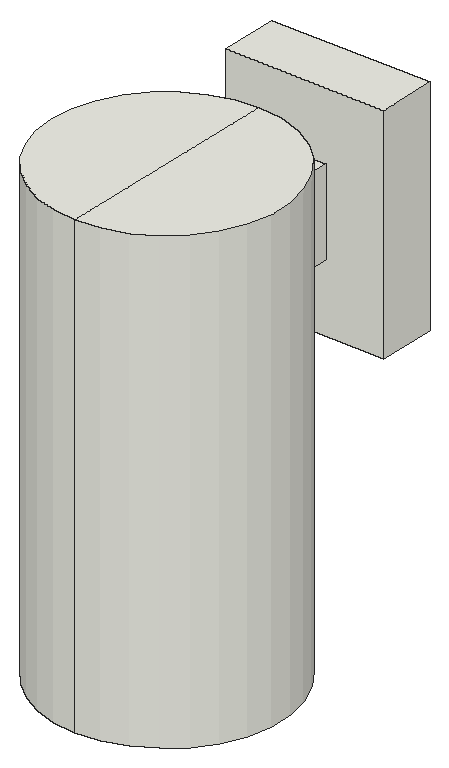
Revit family "CYBU816 - LED-CF", category Lighting Fixtures, host Wall, Revit 2024
Family settings
  Host = Wall
  Round Connector Dimension = Use Diameter
  Part Type = Normal
  OmniClass Number = 23.80.70.00
  OmniClass Title = Lighting
  Always vertical = Yes
  Cut with Voids When Loaded = No
  Light Source = No
  Maintain Annotation Orientation = No
  Shared = No
  Room Calculation Point = No
Parameters
  Default Elevation = 0' - 0"
Reference planes (in)
  plane 1: y = 0
  plane 2 "Light Source Axis (F/B)": y = 8
  plane 3 "Light Source Axis (L/R)": x = -1.43133
  plane 4 "Light Source Elevation": z = 77.42225
Forms (in)
  Extrusion 1, solid, material "54"
    sketch origin (-1.43133, 0, 0) x (0, -1, 0) y (0, 0, 1)
      loop
        line (3, 81.29725) -> (3, 73.54725) -> (5, 73.54725) -> (5, 81.29725) -> (3, 81.29725)
    from -2.75 to 2.75
  Extrusion 2, solid, material "54"
    sketch origin (-1.43133, 0, 0) x (0, -1, 0) y (0, 0, 1)
      loop
        line (5, 78.92225) -> (5, 75.92225) -> (7.09879, 75.92225) -> (7.09879, 78.92225) -> (5, 78.92225)
    from -0.75 to 0.75
  Revolve 3, solid, material "54"
    sketch origin (-1.43133, 0, 0) x (0, -1, 0) y (0, 0, 1)
      loop
        line (7, 65.29725) -> (7.09375, 65.29725) -> (7.09375, 81.2035) -> (11, 81.2035) -> (11, 81.29725) -> (7, 81.29725) -> (7, 65.29725)
      axis (11, 81.29725) -> (11, 65.29725)
    angle from 0 to 360
Text (in)
  text "Placement Side" at (0, 40.15149, 123.01588), in view "Right"
  text "Placement Side" at (-70.3804, 28.46503, 0), in view "Ref. Level"
  text "Placement Side" at (0, 85.69064, 140.59947), in view "Left"
Dimensions and locks (in)
  aligned: level to host wall
